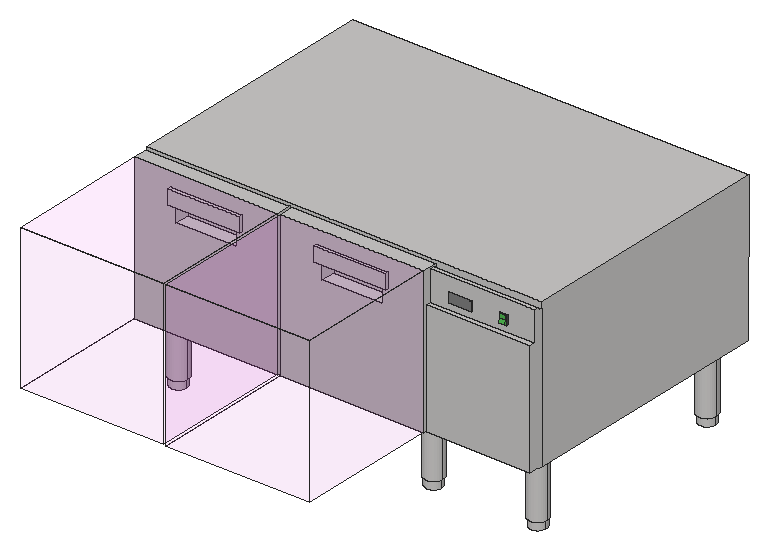
Revit family "QF_ELECTROLUXPROFESSIONAL_391603_E9TTAPCOMIN", category Specialty Equipment, Revit 2023 (continued)
Lines and regions (mm)
  Split face 156
    outline origin (721.397, -448, 504.794) x (0, 0, -1) y (1, 0, 0)
      loop
        arc (52.48, -282.599) -> (56.5, -278.61) -> (52.5, -274.599) r 4
        line (52.5, -274.599) -> (20.5, -274.599)
        arc (20.5, -274.599) -> (16.5, -278.61) -> (20.521, -282.599) r 4
        line (20.521, -282.599) -> (52.48, -282.599)
  Split face 157
    outline origin (733.396, -448, 504.794) x (0, 0, -1) y (1, 0, 0)
      loop
        arc (52.48, -282.599) -> (56.5, -278.61) -> (52.5, -274.599) r 4
        line (52.5, -274.599) -> (20.5, -274.599)
        arc (20.5, -274.599) -> (16.5, -278.61) -> (20.521, -282.599) r 4
        line (20.521, -282.599) -> (52.48, -282.599)
  Split face 158
    outline origin (709.396, -448, 459.794) x (0, 0, -1) y (1, 0, 0)
      loop
        arc (52.48, -282.599) -> (56.5, -278.61) -> (52.5, -274.599) r 4
        line (52.5, -274.599) -> (20.5, -274.599)
        arc (20.5, -274.599) -> (16.5, -278.61) -> (20.521, -282.599) r 4
        line (20.521, -282.599) -> (52.48, -282.599)
  Split face 159
    outline origin (721.397, -448, 459.794) x (0, 0, -1) y (1, 0, 0)
      loop
        arc (52.48, -282.599) -> (56.5, -278.61) -> (52.5, -274.599) r 4
        line (52.5, -274.599) -> (20.5, -274.599)
        arc (20.5, -274.599) -> (16.5, -278.61) -> (20.521, -282.599) r 4
        line (20.521, -282.599) -> (52.48, -282.599)
  Split face 160
    outline origin (733.396, -448, 459.794) x (0, 0, -1) y (1, 0, 0)
      loop
        arc (52.48, -282.599) -> (56.5, -278.61) -> (52.5, -274.599) r 4
        line (52.5, -274.599) -> (20.5, -274.599)
        arc (20.5, -274.599) -> (16.5, -278.61) -> (20.521, -282.599) r 4
        line (20.521, -282.599) -> (52.48, -282.599)
  Split face 161
    outline origin (709.396, -448, 414.794) x (0, 0, -1) y (1, 0, 0)
      loop
        arc (52.48, -282.599) -> (56.5, -278.61) -> (52.5, -274.599) r 4
        line (52.5, -274.599) -> (20.5, -274.599)
        arc (20.5, -274.599) -> (16.5, -278.61) -> (20.521, -282.599) r 4
        line (20.521, -282.599) -> (52.48, -282.599)
  Split face 162
    outline origin (721.397, -448, 414.794) x (0, 0, -1) y (1, 0, 0)
      loop
        arc (52.48, -282.599) -> (56.5, -278.61) -> (52.5, -274.599) r 4
        line (52.5, -274.599) -> (20.5, -274.599)
        arc (20.5, -274.599) -> (16.5, -278.61) -> (20.521, -282.599) r 4
        line (20.521, -282.599) -> (52.48, -282.599)
  Split face 163
    outline origin (733.396, -448, 414.794) x (0, 0, -1) y (1, 0, 0)
      loop
        arc (52.48, -282.599) -> (56.5, -278.61) -> (52.5, -274.599) r 4
        line (52.5, -274.599) -> (20.5, -274.599)
        arc (20.5, -274.599) -> (16.5, -278.61) -> (20.521, -282.599) r 4
        line (20.521, -282.599) -> (52.48, -282.599)
  Split face 164
    outline origin (709.396, -448, 369.794) x (0, 0, -1) y (1, 0, 0)
      loop
        arc (52.48, -282.599) -> (56.5, -278.61) -> (52.5, -274.599) r 4
        line (52.5, -274.599) -> (20.5, -274.599)
        arc (20.5, -274.599) -> (16.5, -278.61) -> (20.521, -282.599) r 4
        line (20.521, -282.599) -> (52.48, -282.599)
  Split face 165
    outline origin (721.397, -448, 369.794) x (0, 0, -1) y (1, 0, 0)
      loop
        arc (52.48, -282.599) -> (56.5, -278.61) -> (52.5, -274.599) r 4
        line (52.5, -274.599) -> (20.5, -274.599)
        arc (20.5, -274.599) -> (16.5, -278.61) -> (20.521, -282.599) r 4
        line (20.521, -282.599) -> (52.48, -282.599)
  Split face 166
    outline origin (733.396, -448, 369.794) x (0, 0, -1) y (1, 0, 0)
      loop
        arc (52.48, -282.599) -> (56.5, -278.61) -> (52.5, -274.599) r 4
        line (52.5, -274.599) -> (20.5, -274.599)
        arc (20.5, -274.599) -> (16.5, -278.61) -> (20.521, -282.599) r 4
        line (20.521, -282.599) -> (52.48, -282.599)
  Split face 167
    outline origin (709.396, -448, 324.794) x (0, 0, -1) y (1, 0, 0)
      loop
        arc (52.48, -282.599) -> (56.5, -278.61) -> (52.5, -274.599) r 4
        line (52.5, -274.599) -> (20.5, -274.599)
        arc (20.5, -274.599) -> (16.5, -278.61) -> (20.521, -282.599) r 4
        line (20.521, -282.599) -> (52.48, -282.599)
  Split face 168
    outline origin (721.397, -448, 324.794) x (0, 0, -1) y (1, 0, 0)
      loop
        arc (52.48, -282.599) -> (56.5, -278.61) -> (52.5, -274.599) r 4
        line (52.5, -274.599) -> (20.5, -274.599)
        arc (20.5, -274.599) -> (16.5, -278.61) -> (20.521, -282.599) r 4
        line (20.521, -282.599) -> (52.48, -282.599)
  Split face 169
    outline origin (733.396, -448, 324.794) x (0, 0, -1) y (1, 0, 0)
      loop
        arc (52.48, -282.599) -> (56.5, -278.61) -> (52.5, -274.599) r 4
        line (52.5, -274.599) -> (20.5, -274.599)
        arc (20.5, -274.599) -> (16.5, -278.61) -> (20.521, -282.599) r 4
        line (20.521, -282.599) -> (52.48, -282.599)
  Split face 170
    outline origin (709.396, -448, 279.794) x (0, 0, -1) y (1, 0, 0)
      loop
        arc (52.48, -282.599) -> (56.5, -278.61) -> (52.5, -274.599) r 4
        line (52.5, -274.599) -> (20.5, -274.599)
        arc (20.5, -274.599) -> (16.5, -278.61) -> (20.521, -282.599) r 4
        line (20.521, -282.599) -> (52.48, -282.599)
  Split face 171
    outline origin (721.397, -448, 279.794) x (0, 0, -1) y (1, 0, 0)
      loop
        arc (52.48, -282.599) -> (56.5, -278.61) -> (52.5, -274.599) r 4
        line (52.5, -274.599) -> (20.5, -274.599)
        arc (20.5, -274.599) -> (16.5, -278.61) -> (20.521, -282.599) r 4
        line (20.521, -282.599) -> (52.48, -282.599)
  Split face 172
    outline origin (733.396, -448, 279.794) x (0, 0, -1) y (1, 0, 0)
      loop
        arc (52.48, -282.599) -> (56.5, -278.61) -> (52.5, -274.599) r 4
        line (52.5, -274.599) -> (20.5, -274.599)
        arc (20.5, -274.599) -> (16.5, -278.61) -> (20.521, -282.599) r 4
        line (20.521, -282.599) -> (52.48, -282.599)
  symbolic lines, style "SpecialityEquipmentHiddenLines"
    curve 1: line (-599, 380, 0) -> (599, 380, 0)
    curve 2: line (-599, -448, 0) -> (-599, 380, 0)
    curve 3: line (599, -448, 0) -> (-599, -448, 0)
    curve 4: line (599, 380, 0) -> (599, -448, 0)
    curve 17: line (-599, -403, 0) -> (599, -403, 0)
  symbolic lines, style "QF_Door-Drawer Clearances"
    curve 5: line (-579, -448, 0) -> (-579, -573, 0)
    curve 6: line (-184.999, -573, 0) -> (-184.999, -448, 0)
    curve 7: line (-136.499, -448, 0) -> (-136.499, -573, 0)
    curve 8: line (257.502, -573, 0) -> (257.502, -448, 0)
    curve 9: line (-599, -573, 0) -> (-164.999, -573, 0)
    curve 10: line (-156.499, -573, 0) -> (277.502, -573, 0)
    curve 11: line (-599, -613, 0) -> (-164.999, -613, 0)
    curve 12: line (-156.499, -613, 0) -> (277.502, -613, 0)
    curve 13: line (-164.999, -613, 0) -> (-164.999, -573, 0)
    curve 14: line (-156.499, -573, 0) -> (-156.499, -613, 0)
    curve 15: line (-599, -573, 0) -> (-599, -613, 0)
    curve 16: line (277.502, -613, 0) -> (277.502, -573, 0)
Dimensions and locks
  plane 4 to level = 200 mm
  plane 5 "TOP" to level = 650 mm
  plane 5 "TOP" to plane 4 = 450 mm
  equal spacing: plane 8 "LEFT", plane 3 "Centro (Sinistra/Destra)", plane 9 "RIGHT"
  plane 8 "LEFT" to plane 9 "RIGHT" = 1200 mm
  equal spacing: plane 6 "BACK", plane 1 "Center X", plane 7 "FRONT"
  plane 6 "BACK" to plane 7 "FRONT" = 900 mm
  plane 6 "BACK" to plane 10 = 853 mm
  locked: plane 10 to plane 11 at 45
  locked: plane 8 "LEFT" to plane 12 at 55
  locked: plane 13 to plane 9 "RIGHT" at 55
  locked: plane 12 to plane 14 at 774
  locked: plane 22 to plane 15 at 88
  locked: plane 16 to plane 11 at 98
  locked: plane 19 to plane 9 "RIGHT" at 1
  locked: plane 8 "LEFT" to plane 18 at 1
  plane 19 to plane 17 = 313 mm
  locked: plane 6 "BACK" to plane 20 at 160
  plane 21 to plane 9 "RIGHT" = 40 mm
  locked: plane 6 "BACK" to plane 22 at 70
  locked: plane 11 to plane 7 "FRONT" at 2
  plane 15 to plane 22 = 88 mm
  plane 11 to plane 16 = 98 mm
  plane 12 to plane 8 "LEFT" = 55 mm
  plane 14 to plane 12 = 774 mm
  aligned and locked: level to plane 2
  aligned and locked: plane 12 to nested 1
  aligned and locked: nested 1 to plane 16
  aligned and locked: nested 2 to plane 15
  aligned and locked: plane 14 to nested 3
  aligned and locked: nested 4 to plane 14
  aligned and locked: plane 13 to nested 5
  aligned and locked: nested 6 to plane 13
  aligned and locked: plane 10 to Extrusion 1 sketch curve
  aligned and locked: Extrusion 2 to plane 11
  aligned and locked: Extrusion 10 to plane 11
  aligned and locked: plane 4 to Extrusion 12
  aligned and locked: plane 22 to Extrusion 1
  aligned and locked: plane 15 to nested 6
  aligned and locked: plane 15 to nested 4
  aligned and locked: plane 16 to nested 5
  aligned and locked: plane 16 to nested 3
Automatic sketch dimensions
  Extrusion 2 sketch curve to plane 18 = 0 mm
  plane 12 to Extrusion 2 sketch curve = 69.7 mm
  Extrusion 2 sketch curve to Extrusion 2 sketch curve = 186.601 mm
  Extrusion 2 sketch curve to plane 5 "TOP" = 9.006 mm
  Extrusion 2 sketch curve to Extrusion 2 sketch curve = 123.7 mm
  Extrusion 2 sketch curve to plane 5 "TOP" = 65 mm
  Extrusion 2 sketch curve to Extrusion 2 sketch curve = 78.294 mm
  plane 4 to Extrusion 2 sketch curve = 1.587 mm
  Extrusion 2 to Extrusion 3 sketch curve = 0 mm
  Extrusion 3 sketch curve to Extrusion 2 = 0 mm  (x3)
  Extrusion 4 sketch curve to plane 4 = 0 mm
  Extrusion 4 sketch curve to plane 10 = 0 mm
  Extrusion 4 sketch curve to plane 10 = 5.442 mm
  plane 4 to Extrusion 4 sketch curve = 4.796 mm
  Extrusion 4 sketch curve to Extrusion 4 sketch curve = 9.721 mm
  Extrusion 4 sketch curve to plane 10 = 16.763 mm
  Extrusion 4 sketch curve to Extrusion 4 sketch curve = 11.336 mm
  plane 11 to Extrusion 4 sketch curve = 0 mm
  Extrusion 4 sketch curve to plane 5 "TOP" = 100.204 mm
  Extrusion 4 sketch curve to plane 5 "TOP" = 20.473 mm
  Extrusion 4 sketch curve to plane 5 "TOP" = 9.006 mm
  Extrusion 4 to Extrusion 5 sketch curve = 42.198 mm
  Extrusion 5 sketch curve to Extrusion 4 = 20 mm
  Extrusion 4 to Extrusion 5 sketch curve = 102.899 mm
  Extrusion 5 sketch curve to Extrusion 5 sketch curve = 22 mm
  Extrusion 4 to Extrusion 6 sketch curve = 42.198 mm
  Extrusion 6 sketch curve to Extrusion 4 = 20 mm
  Extrusion 4 to Extrusion 6 sketch curve = 54.901 mm
  Extrusion 6 sketch curve to Extrusion 6 sketch curve = 70 mm
  Split face 1 sketch curve to Extrusion 6 = 5 mm
  Split face 1 sketch curve to Extrusion 6 = 9 mm
  Split face 1 sketch curve to Extrusion 6 = 10 mm  (x2)
  Split face 2 sketch curve to Extrusion 6 = 12.5 mm
  Split face 2 sketch curve to Extrusion 6 = 7 mm
  Split face 3 sketch curve to Extrusion 6 = 7.5 mm
  Split face 3 sketch curve to Extrusion 6 = 7 mm
  Split face 4 sketch curve to Extrusion 6 = 11.5 mm
  Split face 4 sketch curve to Extrusion 6 = 7 mm
  Split face 5 sketch curve to Extrusion 6 = 7.5 mm
  Split face 5 sketch curve to Extrusion 6 = 7 mm
  Split face 6 sketch curve to Extrusion 6 = 12.5 mm
  Split face 6 sketch curve to Extrusion 6 = 7 mm
  Split face 7 sketch curve to Extrusion 6 = 11.5 mm
  Split face 7 sketch curve to Extrusion 6 = 7 mm
  Split face 8 sketch curve to Extrusion 6 = 7.047 mm
  Split face 8 sketch curve to Extrusion 6 = 2.047 mm
  Split face 8 sketch curve to Extrusion 6 = 10 mm
  Split face 8 sketch curve to Split face 8 sketch curve = 11 mm
  Split face 9 sketch curve to Extrusion 6 = 7.047 mm
  Split face 9 sketch curve to Extrusion 6 = 2.047 mm
  Split face 9 sketch curve to Extrusion 6 = 23 mm
  Split face 9 sketch curve to Split face 9 sketch curve = 11 mm
  Split face 10 sketch curve to Extrusion 6 = 7.047 mm
  Split face 10 sketch curve to Extrusion 6 = 2.047 mm
  Split face 10 sketch curve to Extrusion 6 = 34 mm
  Split face 10 sketch curve to Split face 10 sketch curve = 11 mm
  Split face 11 sketch curve to Extrusion 6 = 7.047 mm
  Split face 11 sketch curve to Extrusion 6 = 2.047 mm
  Split face 11 sketch curve to Extrusion 6 = 21 mm
  Split face 11 sketch curve to Extrusion 6 = 10 mm
  Extrusion 7 sketch curve to Extrusion 7 sketch curve = 0 mm  (x3)
  Extrusion 7 sketch curve to Extrusion 5 = 0 mm
  Extrusion 5 to Extrusion 7 sketch curve = 2.279 mm
  Extrusion 7 sketch curve to Extrusion 7 sketch curve = 0.116 mm
  Extrusion 7 sketch curve to Extrusion 7 sketch curve = 12.105 mm
  Extrusion 5 to Extrusion 7 sketch curve = 3.692 mm
  Extrusion 5 to Extrusion 7 sketch curve = 2.395 mm
  Split face 12 sketch curve to Extrusion 4 = 20.5 mm
  Split face 12 sketch curve to Split face 12 sketch curve = 0.02 mm  (x2)
  Split face 12 sketch curve to Split face 12 sketch curve = 31.959 mm
  Split face 12 sketch curve to Extrusion 4 = 32.901 mm
  Split face 12 sketch curve to Split face 12 sketch curve = 4 mm
  Split face 13 sketch curve to Extrusion 4 = 20.5 mm
  Split face 13 sketch curve to Split face 13 sketch curve = 0.02 mm  (x2)
  Split face 13 sketch curve to Split face 13 sketch curve = 31.959 mm
  Split face 13 sketch curve to Extrusion 4 = 44.9 mm
  Split face 13 sketch curve to Split face 13 sketch curve = 4 mm
  Split face 14 sketch curve to Extrusion 4 = 20.5 mm
  Split face 14 sketch curve to Split face 14 sketch curve = 0.02 mm  (x2)
  Split face 14 sketch curve to Split face 14 sketch curve = 31.959 mm
  Split face 14 sketch curve to Extrusion 4 = 56.9 mm
  Split face 14 sketch curve to Split face 14 sketch curve = 4 mm
  Split face 15 sketch curve to Extrusion 4 = 20.5 mm
  Split face 15 sketch curve to Split face 15 sketch curve = 0.02 mm  (x2)
  Split face 15 sketch curve to Split face 15 sketch curve = 31.959 mm
  Split face 15 sketch curve to Extrusion 4 = 68.797 mm
  Split face 15 sketch curve to Split face 15 sketch curve = 4 mm
  Split face 16 sketch curve to Extrusion 4 = 20.5 mm
  Split face 16 sketch curve to Split face 16 sketch curve = 0.02 mm  (x2)
  Split face 16 sketch curve to Split face 16 sketch curve = 31.959 mm
  Split face 16 sketch curve to Extrusion 4 = 80.797 mm
  Split face 16 sketch curve to Split face 16 sketch curve = 4 mm
  Split face 17 sketch curve to Extrusion 4 = 20.5 mm
  Split face 17 sketch curve to Split face 17 sketch curve = 0.02 mm  (x2)
  Split face 17 sketch curve to Split face 17 sketch curve = 31.959 mm
  Split face 17 sketch curve to Extrusion 4 = 92.797 mm
  Split face 17 sketch curve to Split face 17 sketch curve = 4 mm
  Split face 18 sketch curve to Extrusion 4 = 20.5 mm
  Split face 18 sketch curve to Split face 18 sketch curve = 0.02 mm  (x2)
  Split face 18 sketch curve to Split face 18 sketch curve = 31.959 mm
  Split face 18 sketch curve to Extrusion 4 = 104.797 mm
  Split face 18 sketch curve to Split face 18 sketch curve = 4 mm
  Split face 19 sketch curve to Extrusion 4 = 20.5 mm
  Split face 19 sketch curve to Split face 19 sketch curve = 0.02 mm  (x2)
  Split face 19 sketch curve to Split face 19 sketch curve = 31.959 mm
  Split face 19 sketch curve to Extrusion 4 = 116.797 mm
  Split face 19 sketch curve to Split face 19 sketch curve = 4 mm
  Split face 20 sketch curve to Extrusion 4 = 20.5 mm
  Split face 20 sketch curve to Split face 20 sketch curve = 0.02 mm  (x2)
  Split face 20 sketch curve to Split face 20 sketch curve = 31.959 mm
  Split face 20 sketch curve to Extrusion 4 = 128.797 mm
  Split face 20 sketch curve to Split face 20 sketch curve = 4 mm
  Split face 21 sketch curve to Extrusion 4 = 20.5 mm
  Split face 21 sketch curve to Split face 21 sketch curve = 0.02 mm  (x2)
  Split face 21 sketch curve to Split face 21 sketch curve = 31.959 mm
  Split face 21 sketch curve to Extrusion 4 = 137.003 mm
  Split face 21 sketch curve to Split face 21 sketch curve = 4 mm
  Split face 22 sketch curve to Extrusion 4 = 20.5 mm
  Split face 22 sketch curve to Split face 22 sketch curve = 0.02 mm  (x2)
  Split face 22 sketch curve to Split face 22 sketch curve = 31.959 mm
  Split face 22 sketch curve to Extrusion 4 = 125.004 mm
  Split face 22 sketch curve to Split face 22 sketch curve = 4 mm
  Split face 23 sketch curve to Extrusion 4 = 20.5 mm
  Split face 23 sketch curve to Split face 23 sketch curve = 0.02 mm  (x2)
  Split face 23 sketch curve to Split face 23 sketch curve = 31.959 mm
  Split face 23 sketch curve to Extrusion 4 = 113.003 mm
  Split face 23 sketch curve to Split face 23 sketch curve = 4 mm
  Split face 24 sketch curve to Extrusion 4 = 20.5 mm
  Split face 24 sketch curve to Split face 24 sketch curve = 0.02 mm  (x2)
  Split face 24 sketch curve to Split face 24 sketch curve = 31.959 mm
  Split face 24 sketch curve to Extrusion 4 = 101.003 mm
  Split face 24 sketch curve to Split face 24 sketch curve = 4 mm
  Split face 25 sketch curve to Extrusion 4 = 20.5 mm
  Split face 25 sketch curve to Split face 25 sketch curve = 0.02 mm  (x2)
  Split face 25 sketch curve to Split face 25 sketch curve = 31.959 mm
  Split face 25 sketch curve to Extrusion 4 = 89.003 mm
  Split face 25 sketch curve to Split face 25 sketch curve = 4 mm
  Split face 26 sketch curve to Extrusion 4 = 20.5 mm
  Split face 26 sketch curve to Split face 26 sketch curve = 0.02 mm  (x2)
  Split face 26 sketch curve to Split face 26 sketch curve = 31.959 mm
  Split face 26 sketch curve to Extrusion 4 = 77.004 mm
  Split face 26 sketch curve to Split face 26 sketch curve = 4 mm
  Split face 27 sketch curve to Extrusion 4 = 20.5 mm
  Split face 27 sketch curve to Split face 27 sketch curve = 0.02 mm  (x2)
  Split face 27 sketch curve to Split face 27 sketch curve = 31.959 mm
  Split face 27 sketch curve to Extrusion 4 = 65.003 mm
  Split face 27 sketch curve to Split face 27 sketch curve = 4 mm
  Split face 28 sketch curve to Extrusion 4 = 20.5 mm
  Split face 28 sketch curve to Split face 28 sketch curve = 0.02 mm  (x2)
  Split face 28 sketch curve to Split face 28 sketch curve = 31.959 mm
  Split face 28 sketch curve to Extrusion 4 = 53.004 mm
  Split face 28 sketch curve to Split face 28 sketch curve = 4 mm
  Split face 29 sketch curve to Extrusion 4 = 20.5 mm
  Split face 29 sketch curve to Split face 29 sketch curve = 0.02 mm  (x2)
  Split face 29 sketch curve to Split face 29 sketch curve = 31.959 mm
  Split face 29 sketch curve to Extrusion 4 = 41.004 mm
  Split face 29 sketch curve to Split face 29 sketch curve = 4 mm
  Split face 30 sketch curve to Extrusion 4 = 20.5 mm
  Split face 30 sketch curve to Split face 30 sketch curve = 0.02 mm  (x2)
  Split face 30 sketch curve to Split face 30 sketch curve = 31.959 mm
  Split face 30 sketch curve to Extrusion 4 = 29.004 mm
  Split face 30 sketch curve to Split face 30 sketch curve = 4 mm
  Split face 31 sketch curve to Extrusion 4 = 20.5 mm
  Split face 31 sketch curve to Split face 31 sketch curve = 0.02 mm  (x2)
  Split face 31 sketch curve to Split face 31 sketch curve = 31.959 mm
  Split face 31 sketch curve to Extrusion 4 = 20.901 mm
  Split face 31 sketch curve to Split face 31 sketch curve = 4 mm
  Split face 32 sketch curve to Extrusion 4 = 65.502 mm
  Split face 32 sketch curve to Split face 32 sketch curve = 0.02 mm  (x2)
  Split face 32 sketch curve to Split face 32 sketch curve = 31.959 mm
  Split face 32 sketch curve to Extrusion 4 = 32.901 mm
  Split face 32 sketch curve to Split face 32 sketch curve = 4 mm
  Split face 33 sketch curve to Extrusion 4 = 65.502 mm
  Split face 33 sketch curve to Split face 33 sketch curve = 0.02 mm  (x2)
  Split face 33 sketch curve to Split face 33 sketch curve = 31.959 mm
  Split face 33 sketch curve to Extrusion 4 = 44.9 mm
  Split face 33 sketch curve to Split face 33 sketch curve = 4 mm
  Split face 34 sketch curve to Extrusion 4 = 65.502 mm
  Split face 34 sketch curve to Split face 34 sketch curve = 0.02 mm  (x2)
  Split face 34 sketch curve to Split face 34 sketch curve = 31.959 mm
  Split face 34 sketch curve to Extrusion 4 = 56.9 mm
  Split face 34 sketch curve to Split face 34 sketch curve = 4 mm
  Split face 35 sketch curve to Extrusion 4 = 65.502 mm
  Split face 35 sketch curve to Split face 35 sketch curve = 0.02 mm  (x2)
  Split face 35 sketch curve to Split face 35 sketch curve = 31.959 mm
  Split face 35 sketch curve to Extrusion 4 = 68.797 mm
  Split face 35 sketch curve to Split face 35 sketch curve = 4 mm
  Split face 36 sketch curve to Extrusion 4 = 65.502 mm
  Split face 36 sketch curve to Split face 36 sketch curve = 0.02 mm  (x2)
  Split face 36 sketch curve to Split face 36 sketch curve = 31.959 mm
  Split face 36 sketch curve to Extrusion 4 = 80.797 mm
  Split face 36 sketch curve to Split face 36 sketch curve = 4 mm
  Split face 37 sketch curve to Extrusion 4 = 65.502 mm
  Split face 37 sketch curve to Split face 37 sketch curve = 0.02 mm  (x2)
  Split face 37 sketch curve to Split face 37 sketch curve = 31.959 mm
  Split face 37 sketch curve to Extrusion 4 = 92.797 mm
  Split face 37 sketch curve to Split face 37 sketch curve = 4 mm
  Split face 38 sketch curve to Extrusion 4 = 65.502 mm
  Split face 38 sketch curve to Split face 38 sketch curve = 0.02 mm  (x2)
  Split face 38 sketch curve to Split face 38 sketch curve = 31.959 mm
  Split face 38 sketch curve to Extrusion 4 = 104.797 mm
  Split face 38 sketch curve to Split face 38 sketch curve = 4 mm
  Split face 39 sketch curve to Extrusion 4 = 65.502 mm
  Split face 39 sketch curve to Split face 39 sketch curve = 0.02 mm  (x2)
  Split face 39 sketch curve to Split face 39 sketch curve = 31.959 mm
  Split face 39 sketch curve to Extrusion 4 = 116.797 mm
  Split face 39 sketch curve to Split face 39 sketch curve = 4 mm
  Split face 40 sketch curve to Extrusion 4 = 65.502 mm
  Split face 40 sketch curve to Split face 40 sketch curve = 0.02 mm  (x2)
  Split face 40 sketch curve to Split face 40 sketch curve = 31.959 mm
  Split face 40 sketch curve to Extrusion 4 = 128.797 mm
  Split face 40 sketch curve to Split face 40 sketch curve = 4 mm
  Split face 41 sketch curve to Extrusion 4 = 65.502 mm
  Split face 41 sketch curve to Split face 41 sketch curve = 0.02 mm  (x2)
  Split face 41 sketch curve to Split face 41 sketch curve = 31.959 mm
  Split face 41 sketch curve to Extrusion 4 = 137.003 mm
  Split face 41 sketch curve to Split face 41 sketch curve = 4 mm
  Split face 42 sketch curve to Extrusion 4 = 65.502 mm
  Split face 42 sketch curve to Split face 42 sketch curve = 0.02 mm  (x2)
  Split face 42 sketch curve to Split face 42 sketch curve = 31.959 mm
  Split face 42 sketch curve to Extrusion 4 = 125.004 mm
  Split face 42 sketch curve to Split face 42 sketch curve = 4 mm
  Split face 43 sketch curve to Extrusion 4 = 65.502 mm
  Split face 43 sketch curve to Split face 43 sketch curve = 0.02 mm  (x2)
  Split face 43 sketch curve to Split face 43 sketch curve = 31.959 mm
  Split face 43 sketch curve to Extrusion 4 = 113.003 mm
  Split face 43 sketch curve to Split face 43 sketch curve = 4 mm
  Split face 44 sketch curve to Extrusion 4 = 65.502 mm
  Split face 44 sketch curve to Split face 44 sketch curve = 0.02 mm  (x2)
  Split face 44 sketch curve to Split face 44 sketch curve = 31.959 mm
  Split face 44 sketch curve to Extrusion 4 = 101.003 mm
  Split face 44 sketch curve to Split face 44 sketch curve = 4 mm
  Split face 45 sketch curve to Extrusion 4 = 65.502 mm
  Split face 45 sketch curve to Split face 45 sketch curve = 0.02 mm  (x2)
  Split face 45 sketch curve to Split face 45 sketch curve = 31.959 mm
  Split face 45 sketch curve to Extrusion 4 = 89.003 mm
  Split face 45 sketch curve to Split face 45 sketch curve = 4 mm
  Split face 46 sketch curve to Extrusion 4 = 65.502 mm
  Split face 46 sketch curve to Split face 46 sketch curve = 0.02 mm  (x2)
  Split face 46 sketch curve to Split face 46 sketch curve = 31.959 mm
  Split face 46 sketch curve to Extrusion 4 = 77.004 mm
  Split face 46 sketch curve to Split face 46 sketch curve = 4 mm
  Split face 47 sketch curve to Extrusion 4 = 65.502 mm
  Split face 47 sketch curve to Split face 47 sketch curve = 0.02 mm  (x2)
  Split face 47 sketch curve to Split face 47 sketch curve = 31.959 mm
  Split face 47 sketch curve to Extrusion 4 = 65.003 mm
  Split face 47 sketch curve to Split face 47 sketch curve = 4 mm
  Split face 48 sketch curve to Extrusion 4 = 65.502 mm
  Split face 48 sketch curve to Split face 48 sketch curve = 0.02 mm  (x2)
  Split face 48 sketch curve to Split face 48 sketch curve = 31.959 mm
  Split face 48 sketch curve to Extrusion 4 = 53.004 mm
  Split face 48 sketch curve to Split face 48 sketch curve = 4 mm
  Split face 49 sketch curve to Extrusion 4 = 65.502 mm
  Split face 49 sketch curve to Split face 49 sketch curve = 0.02 mm  (x2)
  Split face 49 sketch curve to Split face 49 sketch curve = 31.959 mm
  Split face 49 sketch curve to Extrusion 4 = 41.004 mm
  Split face 49 sketch curve to Split face 49 sketch curve = 4 mm
  Split face 50 sketch curve to Extrusion 4 = 25.004 mm
  Split face 50 sketch curve to Extrusion 4 = 65.502 mm
  Split face 50 sketch curve to Split face 50 sketch curve = 0.02 mm  (x2)
  Split face 50 sketch curve to Split face 50 sketch curve = 31.959 mm
  Split face 50 sketch curve to Split face 50 sketch curve = 4 mm
  Split face 51 sketch curve to Extrusion 4 = 24.901 mm
  Split face 51 sketch curve to Extrusion 4 = 65.502 mm
  Split face 51 sketch curve to Split face 51 sketch curve = 0.02 mm  (x2)
  Split face 51 sketch curve to Split face 51 sketch curve = 31.959 mm
  Split face 51 sketch curve to Split face 51 sketch curve = 4 mm
  Split face 52 sketch curve to Extrusion 4 = 36.901 mm
  Split face 52 sketch curve to Extrusion 4 = 110.502 mm
  Split face 52 sketch curve to Split face 52 sketch curve = 0.02 mm  (x2)
  Split face 52 sketch curve to Split face 52 sketch curve = 31.959 mm
  Split face 52 sketch curve to Split face 52 sketch curve = 4 mm
  Split face 53 sketch curve to Extrusion 4 = 48.9 mm
  Split face 53 sketch curve to Extrusion 4 = 110.502 mm
  Split face 53 sketch curve to Split face 53 sketch curve = 0.02 mm  (x2)
  Split face 53 sketch curve to Split face 53 sketch curve = 31.959 mm
  Split face 53 sketch curve to Split face 53 sketch curve = 4 mm
  Split face 54 sketch curve to Extrusion 4 = 110.502 mm
  Split face 54 sketch curve to Split face 54 sketch curve = 0.02 mm  (x2)
  Split face 54 sketch curve to Split face 54 sketch curve = 31.959 mm
  Split face 54 sketch curve to Extrusion 4 = 56.9 mm
  Split face 54 sketch curve to Split face 54 sketch curve = 4 mm
  Split face 55 sketch curve to Extrusion 4 = 110.502 mm
  Split face 55 sketch curve to Split face 55 sketch curve = 0.02 mm  (x2)
  Split face 55 sketch curve to Split face 55 sketch curve = 31.959 mm
  Split face 55 sketch curve to Extrusion 4 = 68.797 mm
  Split face 55 sketch curve to Split face 55 sketch curve = 4 mm
  Split face 56 sketch curve to Extrusion 4 = 110.502 mm
  Split face 56 sketch curve to Split face 56 sketch curve = 0.02 mm  (x2)
  Split face 56 sketch curve to Split face 56 sketch curve = 31.959 mm
  Split face 56 sketch curve to Extrusion 4 = 80.797 mm
  Split face 56 sketch curve to Split face 56 sketch curve = 4 mm
  Split face 57 sketch curve to Extrusion 4 = 110.502 mm
  Split face 57 sketch curve to Split face 57 sketch curve = 0.02 mm  (x2)
  Split face 57 sketch curve to Split face 57 sketch curve = 31.959 mm
  Split face 57 sketch curve to Extrusion 4 = 92.797 mm
  Split face 57 sketch curve to Split face 57 sketch curve = 4 mm
  Split face 58 sketch curve to Extrusion 4 = 110.502 mm
  Split face 58 sketch curve to Split face 58 sketch curve = 0.02 mm  (x2)
  Split face 58 sketch curve to Split face 58 sketch curve = 31.959 mm
  Split face 58 sketch curve to Extrusion 4 = 104.797 mm
  Split face 58 sketch curve to Split face 58 sketch curve = 4 mm
  Split face 59 sketch curve to Extrusion 4 = 110.502 mm
  Split face 59 sketch curve to Split face 59 sketch curve = 0.02 mm  (x2)
  Split face 59 sketch curve to Split face 59 sketch curve = 31.959 mm
  Split face 59 sketch curve to Extrusion 4 = 116.797 mm
  Split face 59 sketch curve to Split face 59 sketch curve = 4 mm
  Split face 60 sketch curve to Extrusion 4 = 110.502 mm
  Split face 60 sketch curve to Split face 60 sketch curve = 0.02 mm  (x2)
  Split face 60 sketch curve to Split face 60 sketch curve = 31.959 mm
  Split face 60 sketch curve to Extrusion 4 = 128.797 mm
  Split face 60 sketch curve to Split face 60 sketch curve = 4 mm
  Split face 61 sketch curve to Extrusion 4 = 110.502 mm
  Split face 61 sketch curve to Split face 61 sketch curve = 0.02 mm  (x2)
  Split face 61 sketch curve to Split face 61 sketch curve = 31.959 mm
  Split face 61 sketch curve to Extrusion 4 = 137.003 mm
  Split face 61 sketch curve to Split face 61 sketch curve = 4 mm
  Split face 62 sketch curve to Extrusion 4 = 110.502 mm
  Split face 62 sketch curve to Split face 62 sketch curve = 0.02 mm  (x2)
  Split face 62 sketch curve to Split face 62 sketch curve = 31.959 mm
  Split face 62 sketch curve to Extrusion 4 = 125.004 mm
  Split face 62 sketch curve to Split face 62 sketch curve = 4 mm
  Split face 63 sketch curve to Extrusion 4 = 110.502 mm
  Split face 63 sketch curve to Split face 63 sketch curve = 0.02 mm  (x2)
  Split face 63 sketch curve to Split face 63 sketch curve = 31.959 mm
  Split face 63 sketch curve to Extrusion 4 = 113.003 mm
  Split face 63 sketch curve to Split face 63 sketch curve = 4 mm
  Split face 64 sketch curve to Extrusion 4 = 110.502 mm
  Split face 64 sketch curve to Split face 64 sketch curve = 0.02 mm  (x2)
  Split face 64 sketch curve to Split face 64 sketch curve = 31.959 mm
  Split face 64 sketch curve to Extrusion 4 = 101.003 mm
  Split face 64 sketch curve to Split face 64 sketch curve = 4 mm
  Split face 65 sketch curve to Extrusion 4 = 110.502 mm
  Split face 65 sketch curve to Split face 65 sketch curve = 0.02 mm  (x2)
  Split face 65 sketch curve to Split face 65 sketch curve = 31.959 mm
  Split face 65 sketch curve to Extrusion 4 = 89.003 mm
  Split face 65 sketch curve to Split face 65 sketch curve = 4 mm
  Split face 66 sketch curve to Extrusion 4 = 110.502 mm
  Split face 66 sketch curve to Split face 66 sketch curve = 0.02 mm  (x2)
  Split face 66 sketch curve to Split face 66 sketch curve = 31.959 mm
  Split face 66 sketch curve to Extrusion 4 = 77.004 mm
  Split face 66 sketch curve to Split face 66 sketch curve = 4 mm
  Split face 67 sketch curve to Extrusion 4 = 110.502 mm
  Split face 67 sketch curve to Split face 67 sketch curve = 0.02 mm  (x2)
  Split face 67 sketch curve to Split face 67 sketch curve = 31.959 mm
  Split face 67 sketch curve to Extrusion 4 = 65.003 mm
  Split face 67 sketch curve to Split face 67 sketch curve = 4 mm
  Split face 68 sketch curve to Extrusion 4 = 49.004 mm
  Split face 68 sketch curve to Extrusion 4 = 110.502 mm
  Split face 68 sketch curve to Split face 68 sketch curve = 0.02 mm  (x2)
  Split face 68 sketch curve to Split face 68 sketch curve = 31.959 mm
  Split face 68 sketch curve to Split face 68 sketch curve = 4 mm
  Split face 69 sketch curve to Extrusion 4 = 37.004 mm
  Split face 69 sketch curve to Extrusion 4 = 110.502 mm
  Split face 69 sketch curve to Split face 69 sketch curve = 0.02 mm  (x2)
  Split face 69 sketch curve to Split face 69 sketch curve = 31.959 mm
  Split face 69 sketch curve to Split face 69 sketch curve = 4 mm
  Split face 70 sketch curve to Extrusion 4 = 25.004 mm
  Split face 70 sketch curve to Extrusion 4 = 110.502 mm
  Split face 70 sketch curve to Split face 70 sketch curve = 0.02 mm  (x2)
  Split face 70 sketch curve to Split face 70 sketch curve = 31.959 mm
  Split face 70 sketch curve to Split face 70 sketch curve = 4 mm
  Split face 71 sketch curve to Extrusion 4 = 24.901 mm
  Split face 71 sketch curve to Extrusion 4 = 110.502 mm
  Split face 71 sketch curve to Split face 71 sketch curve = 0.02 mm  (x2)
  Split face 71 sketch curve to Split face 71 sketch curve = 31.959 mm
  Split face 71 sketch curve to Split face 71 sketch curve = 4 mm
  Split face 72 sketch curve to Extrusion 4 = 36.901 mm
  Split face 72 sketch curve to Extrusion 4 = 155.502 mm
  Split face 72 sketch curve to Split face 72 sketch curve = 0.02 mm  (x2)
  Split face 72 sketch curve to Split face 72 sketch curve = 31.959 mm
  Split face 72 sketch curve to Split face 72 sketch curve = 4 mm
  Split face 73 sketch curve to Extrusion 4 = 48.9 mm
  Split face 73 sketch curve to Extrusion 4 = 155.502 mm
  Split face 73 sketch curve to Split face 73 sketch curve = 0.02 mm  (x2)
  Split face 73 sketch curve to Split face 73 sketch curve = 31.959 mm
  Split face 73 sketch curve to Split face 73 sketch curve = 4 mm
  Split face 74 sketch curve to Extrusion 4 = 60.9 mm
  Split face 74 sketch curve to Extrusion 4 = 155.502 mm
  Split face 74 sketch curve to Split face 74 sketch curve = 0.02 mm  (x2)
  Split face 74 sketch curve to Split face 74 sketch curve = 31.959 mm
  Split face 74 sketch curve to Split face 74 sketch curve = 4 mm
  Split face 75 sketch curve to Extrusion 4 = 72.797 mm
  Split face 75 sketch curve to Extrusion 4 = 155.502 mm
  Split face 75 sketch curve to Split face 75 sketch curve = 0.02 mm  (x2)
  Split face 75 sketch curve to Split face 75 sketch curve = 31.959 mm
  Split face 75 sketch curve to Split face 75 sketch curve = 4 mm
  Split face 76 sketch curve to Extrusion 4 = 155.502 mm
  Split face 76 sketch curve to Split face 76 sketch curve = 0.02 mm  (x2)
  Split face 76 sketch curve to Split face 76 sketch curve = 31.959 mm
  Split face 76 sketch curve to Extrusion 4 = 80.797 mm
  Split face 76 sketch curve to Split face 76 sketch curve = 4 mm
  Split face 77 sketch curve to Extrusion 4 = 155.502 mm
  Split face 77 sketch curve to Split face 77 sketch curve = 0.02 mm  (x2)
  Split face 77 sketch curve to Split face 77 sketch curve = 31.959 mm
  Split face 77 sketch curve to Extrusion 4 = 92.797 mm
  Split face 77 sketch curve to Split face 77 sketch curve = 4 mm
  Split face 78 sketch curve to Extrusion 4 = 155.502 mm
  Split face 78 sketch curve to Split face 78 sketch curve = 0.02 mm  (x2)
  Split face 78 sketch curve to Split face 78 sketch curve = 31.959 mm
  Split face 78 sketch curve to Extrusion 4 = 104.797 mm
  Split face 78 sketch curve to Split face 78 sketch curve = 4 mm
  Split face 79 sketch curve to Extrusion 4 = 155.502 mm
  Split face 79 sketch curve to Split face 79 sketch curve = 0.02 mm  (x2)
  Split face 79 sketch curve to Split face 79 sketch curve = 31.959 mm
  Split face 79 sketch curve to Extrusion 4 = 116.797 mm
  Split face 79 sketch curve to Split face 79 sketch curve = 4 mm
  Split face 80 sketch curve to Extrusion 4 = 155.502 mm
  Split face 80 sketch curve to Split face 80 sketch curve = 0.02 mm  (x2)
  Split face 80 sketch curve to Split face 80 sketch curve = 31.959 mm
  Split face 80 sketch curve to Extrusion 4 = 128.797 mm
  Split face 80 sketch curve to Split face 80 sketch curve = 4 mm
  Split face 81 sketch curve to Extrusion 4 = 155.502 mm
  Split face 81 sketch curve to Split face 81 sketch curve = 0.02 mm  (x2)
  Split face 81 sketch curve to Split face 81 sketch curve = 31.959 mm
  Split face 81 sketch curve to Extrusion 4 = 137.003 mm
  Split face 81 sketch curve to Split face 81 sketch curve = 4 mm
  Split face 82 sketch curve to Extrusion 4 = 155.502 mm
  Split face 82 sketch curve to Split face 82 sketch curve = 0.02 mm  (x2)
  Split face 82 sketch curve to Split face 82 sketch curve = 31.959 mm
  Split face 82 sketch curve to Extrusion 4 = 125.004 mm
  Split face 82 sketch curve to Split face 82 sketch curve = 4 mm
  Split face 83 sketch curve to Extrusion 4 = 155.502 mm
  Split face 83 sketch curve to Split face 83 sketch curve = 0.02 mm  (x2)
  Split face 83 sketch curve to Split face 83 sketch curve = 31.959 mm
  Split face 83 sketch curve to Extrusion 4 = 113.003 mm
  Split face 83 sketch curve to Split face 83 sketch curve = 4 mm
  Split face 84 sketch curve to Extrusion 4 = 155.502 mm
  Split face 84 sketch curve to Split face 84 sketch curve = 0.02 mm  (x2)
  Split face 84 sketch curve to Split face 84 sketch curve = 31.959 mm
  Split face 84 sketch curve to Extrusion 4 = 101.003 mm
  Split face 84 sketch curve to Split face 84 sketch curve = 4 mm
  Split face 85 sketch curve to Extrusion 4 = 155.502 mm
  Split face 85 sketch curve to Split face 85 sketch curve = 0.02 mm  (x2)
  Split face 85 sketch curve to Split face 85 sketch curve = 31.959 mm
  Split face 85 sketch curve to Extrusion 4 = 89.003 mm
  Split face 85 sketch curve to Split face 85 sketch curve = 4 mm
  Split face 86 sketch curve to Extrusion 4 = 73.004 mm
  Split face 86 sketch curve to Extrusion 4 = 155.502 mm
  Split face 86 sketch curve to Split face 86 sketch curve = 0.02 mm  (x2)
  Split face 86 sketch curve to Split face 86 sketch curve = 31.959 mm
  Split face 86 sketch curve to Split face 86 sketch curve = 4 mm
  Split face 87 sketch curve to Extrusion 4 = 61.003 mm
  Split face 87 sketch curve to Extrusion 4 = 155.502 mm
  Split face 87 sketch curve to Split face 87 sketch curve = 0.02 mm  (x2)
  Split face 87 sketch curve to Split face 87 sketch curve = 31.959 mm
  Split face 87 sketch curve to Split face 87 sketch curve = 4 mm
  Split face 88 sketch curve to Extrusion 4 = 49.004 mm
  Split face 88 sketch curve to Extrusion 4 = 155.502 mm
  Split face 88 sketch curve to Split face 88 sketch curve = 0.02 mm  (x2)
  Split face 88 sketch curve to Split face 88 sketch curve = 31.959 mm
  Split face 88 sketch curve to Split face 88 sketch curve = 4 mm
  Split face 89 sketch curve to Extrusion 4 = 37.004 mm
  Split face 89 sketch curve to Extrusion 4 = 155.502 mm
  Split face 89 sketch curve to Split face 89 sketch curve = 0.02 mm  (x2)
  Split face 89 sketch curve to Split face 89 sketch curve = 31.959 mm
  Split face 89 sketch curve to Split face 89 sketch curve = 4 mm
  Split face 90 sketch curve to Extrusion 4 = 25.004 mm
  Split face 90 sketch curve to Extrusion 4 = 155.502 mm
  Split face 90 sketch curve to Split face 90 sketch curve = 0.02 mm  (x2)
  Split face 90 sketch curve to Split face 90 sketch curve = 31.959 mm
  Split face 90 sketch curve to Split face 90 sketch curve = 4 mm
  Split face 91 sketch curve to Extrusion 4 = 24.901 mm
  Split face 91 sketch curve to Extrusion 4 = 155.502 mm
  Split face 91 sketch curve to Split face 91 sketch curve = 0.02 mm  (x2)
  Split face 91 sketch curve to Split face 91 sketch curve = 31.959 mm
  Split face 91 sketch curve to Split face 91 sketch curve = 4 mm
  Split face 92 sketch curve to Extrusion 4 = 36.901 mm
  Split face 92 sketch curve to Extrusion 4 = 144.498 mm
  Split face 92 sketch curve to Split face 92 sketch curve = 0.02 mm  (x2)
  Split face 92 sketch curve to Split face 92 sketch curve = 31.959 mm
  Split face 92 sketch curve to Split face 92 sketch curve = 4 mm
  Split face 93 sketch curve to Extrusion 4 = 48.9 mm
  Split face 93 sketch curve to Extrusion 4 = 144.498 mm
  Split face 93 sketch curve to Split face 93 sketch curve = 0.02 mm  (x2)
  Split face 93 sketch curve to Split face 93 sketch curve = 31.959 mm
  Split face 93 sketch curve to Split face 93 sketch curve = 4 mm
  Split face 94 sketch curve to Extrusion 4 = 60.9 mm
  Split face 94 sketch curve to Extrusion 4 = 144.498 mm
  Split face 94 sketch curve to Split face 94 sketch curve = 0.02 mm  (x2)
  Split face 94 sketch curve to Split face 94 sketch curve = 31.959 mm
  Split face 94 sketch curve to Split face 94 sketch curve = 4 mm
  Split face 95 sketch curve to Extrusion 4 = 144.498 mm
  Split face 95 sketch curve to Split face 95 sketch curve = 0.02 mm  (x2)
  Split face 95 sketch curve to Split face 95 sketch curve = 31.959 mm
  Split face 95 sketch curve to Extrusion 4 = 68.797 mm
  Split face 95 sketch curve to Split face 95 sketch curve = 4 mm
  Split face 96 sketch curve to Extrusion 4 = 144.498 mm
  Split face 96 sketch curve to Split face 96 sketch curve = 0.02 mm  (x2)
  Split face 96 sketch curve to Split face 96 sketch curve = 31.959 mm
  Split face 96 sketch curve to Extrusion 4 = 80.797 mm
  Split face 96 sketch curve to Split face 96 sketch curve = 4 mm
  Split face 97 sketch curve to Extrusion 4 = 144.498 mm
  Split face 97 sketch curve to Split face 97 sketch curve = 0.02 mm  (x2)
  Split face 97 sketch curve to Split face 97 sketch curve = 31.959 mm
  Split face 97 sketch curve to Extrusion 4 = 92.797 mm
  Split face 97 sketch curve to Split face 97 sketch curve = 4 mm
  Split face 98 sketch curve to Extrusion 4 = 144.498 mm
  Split face 98 sketch curve to Split face 98 sketch curve = 0.02 mm  (x2)
  Split face 98 sketch curve to Split face 98 sketch curve = 31.959 mm
  Split face 98 sketch curve to Extrusion 4 = 104.797 mm
  Split face 98 sketch curve to Split face 98 sketch curve = 4 mm
  Split face 99 sketch curve to Extrusion 4 = 144.498 mm
  Split face 99 sketch curve to Split face 99 sketch curve = 0.02 mm  (x2)
  Split face 99 sketch curve to Split face 99 sketch curve = 31.959 mm
  Split face 99 sketch curve to Extrusion 4 = 116.797 mm
  Split face 99 sketch curve to Split face 99 sketch curve = 4 mm
  Split face 100 sketch curve to Extrusion 4 = 144.498 mm
  Split face 100 sketch curve to Split face 100 sketch curve = 0.02 mm  (x2)
  Split face 100 sketch curve to Split face 100 sketch curve = 31.959 mm
  Split face 100 sketch curve to Extrusion 4 = 128.797 mm
  Split face 100 sketch curve to Split face 100 sketch curve = 4 mm
  Split face 101 sketch curve to Extrusion 4 = 144.498 mm
  Split face 101 sketch curve to Split face 101 sketch curve = 0.02 mm  (x2)
  Split face 101 sketch curve to Split face 101 sketch curve = 31.959 mm
  Split face 101 sketch curve to Extrusion 4 = 137.003 mm
  Split face 101 sketch curve to Split face 101 sketch curve = 4 mm
  Split face 102 sketch curve to Extrusion 4 = 144.498 mm
  Split face 102 sketch curve to Split face 102 sketch curve = 0.02 mm  (x2)
  Split face 102 sketch curve to Split face 102 sketch curve = 31.959 mm
  Split face 102 sketch curve to Extrusion 4 = 125.004 mm
  Split face 102 sketch curve to Split face 102 sketch curve = 4 mm
  Split face 103 sketch curve to Extrusion 4 = 144.498 mm
  Split face 103 sketch curve to Split face 103 sketch curve = 0.02 mm  (x2)
  Split face 103 sketch curve to Split face 103 sketch curve = 31.959 mm
  Split face 103 sketch curve to Extrusion 4 = 113.003 mm
  Split face 103 sketch curve to Split face 103 sketch curve = 4 mm
  Split face 104 sketch curve to Extrusion 4 = 144.498 mm
  Split face 104 sketch curve to Split face 104 sketch curve = 0.02 mm  (x2)
  Split face 104 sketch curve to Split face 104 sketch curve = 31.959 mm
  Split face 104 sketch curve to Extrusion 4 = 101.003 mm
  Split face 104 sketch curve to Split face 104 sketch curve = 4 mm
  Split face 105 sketch curve to Extrusion 4 = 144.498 mm
  Split face 105 sketch curve to Split face 105 sketch curve = 0.02 mm  (x2)
  Split face 105 sketch curve to Split face 105 sketch curve = 31.959 mm
  Split face 105 sketch curve to Extrusion 4 = 89.003 mm
  Split face 105 sketch curve to Split face 105 sketch curve = 4 mm
  Split face 106 sketch curve to Extrusion 4 = 144.498 mm
  Split face 106 sketch curve to Split face 106 sketch curve = 0.02 mm  (x2)
  Split face 106 sketch curve to Split face 106 sketch curve = 31.959 mm
  Split face 106 sketch curve to Extrusion 4 = 77.004 mm
  Split face 106 sketch curve to Split face 106 sketch curve = 4 mm
  Split face 107 sketch curve to Extrusion 4 = 61.003 mm
  Split face 107 sketch curve to Extrusion 4 = 144.498 mm
  Split face 107 sketch curve to Split face 107 sketch curve = 0.02 mm  (x2)
  Split face 107 sketch curve to Split face 107 sketch curve = 31.959 mm
  Split face 107 sketch curve to Split face 107 sketch curve = 4 mm
  Split face 108 sketch curve to Extrusion 4 = 49.004 mm
  Split face 108 sketch curve to Extrusion 4 = 144.498 mm
  Split face 108 sketch curve to Split face 108 sketch curve = 0.02 mm  (x2)
  Split face 108 sketch curve to Split face 108 sketch curve = 31.959 mm
  Split face 108 sketch curve to Split face 108 sketch curve = 4 mm
  Split face 109 sketch curve to Extrusion 4 = 37.004 mm
  Split face 109 sketch curve to Extrusion 4 = 144.498 mm
  Split face 109 sketch curve to Split face 109 sketch curve = 0.02 mm  (x2)
  Split face 109 sketch curve to Split face 109 sketch curve = 31.959 mm
  Split face 109 sketch curve to Split face 109 sketch curve = 4 mm
  Split face 110 sketch curve to Extrusion 4 = 25.004 mm
  Split face 110 sketch curve to Extrusion 4 = 144.498 mm
  Split face 110 sketch curve to Split face 110 sketch curve = 0.02 mm  (x2)
  Split face 110 sketch curve to Split face 110 sketch curve = 31.959 mm
  Split face 110 sketch curve to Split face 110 sketch curve = 4 mm
  Split face 111 sketch curve to Extrusion 4 = 24.901 mm
  Split face 111 sketch curve to Extrusion 4 = 144.498 mm
  Split face 111 sketch curve to Split face 111 sketch curve = 0.02 mm  (x2)
  Split face 111 sketch curve to Split face 111 sketch curve = 31.959 mm
  Split face 111 sketch curve to Split face 111 sketch curve = 4 mm
  Split face 112 sketch curve to Extrusion 4 = 36.901 mm
  Split face 112 sketch curve to Extrusion 4 = 99.499 mm
  Split face 112 sketch curve to Split face 112 sketch curve = 0.02 mm  (x2)
  Split face 112 sketch curve to Split face 112 sketch curve = 31.959 mm
  Split face 112 sketch curve to Split face 112 sketch curve = 4 mm
  Split face 113 sketch curve to Extrusion 4 = 48.9 mm
  Split face 113 sketch curve to Extrusion 4 = 99.499 mm
  Split face 113 sketch curve to Split face 113 sketch curve = 0.02 mm  (x2)
  Split face 113 sketch curve to Split face 113 sketch curve = 31.959 mm
  Split face 113 sketch curve to Split face 113 sketch curve = 4 mm
  Split face 114 sketch curve to Extrusion 4 = 99.499 mm
  Split face 114 sketch curve to Split face 114 sketch curve = 0.02 mm  (x2)
  Split face 114 sketch curve to Split face 114 sketch curve = 31.959 mm
  Split face 114 sketch curve to Extrusion 4 = 56.9 mm
  Split face 114 sketch curve to Split face 114 sketch curve = 4 mm
  Split face 115 sketch curve to Extrusion 4 = 99.499 mm
  Split face 115 sketch curve to Split face 115 sketch curve = 0.02 mm  (x2)
  Split face 115 sketch curve to Split face 115 sketch curve = 31.959 mm
  Split face 115 sketch curve to Extrusion 4 = 68.797 mm
  Split face 115 sketch curve to Split face 115 sketch curve = 4 mm
  Split face 116 sketch curve to Extrusion 4 = 99.499 mm
  Split face 116 sketch curve to Split face 116 sketch curve = 0.02 mm  (x2)
  Split face 116 sketch curve to Split face 116 sketch curve = 31.959 mm
  Split face 116 sketch curve to Extrusion 4 = 80.797 mm
  Split face 116 sketch curve to Split face 116 sketch curve = 4 mm
  Split face 117 sketch curve to Extrusion 4 = 99.499 mm
  Split face 117 sketch curve to Split face 117 sketch curve = 0.02 mm  (x2)
  Split face 117 sketch curve to Split face 117 sketch curve = 31.959 mm
  Split face 117 sketch curve to Extrusion 4 = 92.797 mm
  Split face 117 sketch curve to Split face 117 sketch curve = 4 mm
  Split face 118 sketch curve to Extrusion 4 = 99.499 mm
  Split face 118 sketch curve to Split face 118 sketch curve = 0.02 mm  (x2)
  Split face 118 sketch curve to Split face 118 sketch curve = 31.959 mm
  Split face 118 sketch curve to Extrusion 4 = 104.797 mm
  Split face 118 sketch curve to Split face 118 sketch curve = 4 mm
  Split face 119 sketch curve to Extrusion 4 = 99.499 mm
  Split face 119 sketch curve to Split face 119 sketch curve = 0.02 mm  (x2)
  Split face 119 sketch curve to Split face 119 sketch curve = 31.959 mm
  Split face 119 sketch curve to Extrusion 4 = 116.797 mm
  Split face 119 sketch curve to Split face 119 sketch curve = 4 mm
  Split face 120 sketch curve to Extrusion 4 = 99.499 mm
  Split face 120 sketch curve to Split face 120 sketch curve = 0.02 mm  (x2)
  Split face 120 sketch curve to Split face 120 sketch curve = 31.959 mm
  Split face 120 sketch curve to Extrusion 4 = 128.797 mm
  Split face 120 sketch curve to Split face 120 sketch curve = 4 mm
  Split face 121 sketch curve to Extrusion 4 = 99.499 mm
  Split face 121 sketch curve to Split face 121 sketch curve = 0.02 mm  (x2)
  Split face 121 sketch curve to Split face 121 sketch curve = 31.959 mm
  Split face 121 sketch curve to Extrusion 4 = 137.003 mm
  Split face 121 sketch curve to Split face 121 sketch curve = 4 mm
  Split face 122 sketch curve to Extrusion 4 = 99.499 mm
  Split face 122 sketch curve to Split face 122 sketch curve = 0.02 mm  (x2)
  Split face 122 sketch curve to Split face 122 sketch curve = 31.959 mm
  Split face 122 sketch curve to Extrusion 4 = 125.004 mm
  Split face 122 sketch curve to Split face 122 sketch curve = 4 mm
  Split face 123 sketch curve to Extrusion 4 = 99.499 mm
  Split face 123 sketch curve to Split face 123 sketch curve = 0.02 mm  (x2)
  Split face 123 sketch curve to Split face 123 sketch curve = 31.959 mm
  Split face 123 sketch curve to Extrusion 4 = 113.003 mm
  Split face 123 sketch curve to Split face 123 sketch curve = 4 mm
  Split face 124 sketch curve to Extrusion 4 = 99.499 mm
  Split face 124 sketch curve to Split face 124 sketch curve = 0.02 mm  (x2)
  Split face 124 sketch curve to Split face 124 sketch curve = 31.959 mm
  Split face 124 sketch curve to Extrusion 4 = 101.003 mm
  Split face 124 sketch curve to Split face 124 sketch curve = 4 mm
  Split face 125 sketch curve to Extrusion 4 = 99.499 mm
  Split face 125 sketch curve to Split face 125 sketch curve = 0.02 mm  (x2)
  Split face 125 sketch curve to Split face 125 sketch curve = 31.959 mm
  Split face 125 sketch curve to Extrusion 4 = 89.003 mm
  Split face 125 sketch curve to Split face 125 sketch curve = 4 mm
  Split face 126 sketch curve to Extrusion 4 = 99.499 mm
  Split face 126 sketch curve to Split face 126 sketch curve = 0.02 mm  (x2)
  Split face 126 sketch curve to Split face 126 sketch curve = 31.959 mm
  Split face 126 sketch curve to Extrusion 4 = 77.004 mm
  Split face 126 sketch curve to Split face 126 sketch curve = 4 mm
  Split face 127 sketch curve to Extrusion 4 = 99.499 mm
  Split face 127 sketch curve to Split face 127 sketch curve = 0.02 mm  (x2)
  Split face 127 sketch curve to Split face 127 sketch curve = 31.959 mm
  Split face 127 sketch curve to Extrusion 4 = 65.003 mm
  Split face 127 sketch curve to Split face 127 sketch curve = 4 mm
  Split face 128 sketch curve to Extrusion 4 = 49.004 mm
  Split face 128 sketch curve to Extrusion 4 = 99.499 mm
  Split face 128 sketch curve to Split face 128 sketch curve = 0.02 mm  (x2)
  Split face 128 sketch curve to Split face 128 sketch curve = 31.959 mm
  Split face 128 sketch curve to Split face 128 sketch curve = 4 mm
  Split face 129 sketch curve to Extrusion 4 = 37.004 mm
  Split face 129 sketch curve to Extrusion 4 = 99.499 mm
  Split face 129 sketch curve to Split face 129 sketch curve = 0.02 mm  (x2)
  Split face 129 sketch curve to Split face 129 sketch curve = 31.959 mm
  Split face 129 sketch curve to Split face 129 sketch curve = 4 mm
  Split face 130 sketch curve to Extrusion 4 = 25.004 mm
  Split face 130 sketch curve to Extrusion 4 = 99.499 mm
  Split face 130 sketch curve to Split face 130 sketch curve = 0.02 mm  (x2)
  Split face 130 sketch curve to Split face 130 sketch curve = 31.959 mm
  Split face 130 sketch curve to Split face 130 sketch curve = 4 mm
  Split face 131 sketch curve to Extrusion 4 = 24.901 mm
  Split face 131 sketch curve to Extrusion 4 = 99.499 mm
  Split face 131 sketch curve to Split face 131 sketch curve = 0.02 mm  (x2)
  Split face 131 sketch curve to Split face 131 sketch curve = 31.959 mm
  Split face 131 sketch curve to Split face 131 sketch curve = 4 mm
  Split face 132 sketch curve to Extrusion 4 = 54.499 mm
  Split face 132 sketch curve to Split face 132 sketch curve = 0.02 mm  (x2)
  Split face 132 sketch curve to Extrusion 4 = 22.519 mm
  Split face 132 sketch curve to Extrusion 4 = 32.901 mm
  Split face 132 sketch curve to Split face 132 sketch curve = 4 mm
  Split face 133 sketch curve to Extrusion 4 = 54.499 mm
  Split face 133 sketch curve to Split face 133 sketch curve = 0.02 mm  (x2)
  Split face 133 sketch curve to Extrusion 4 = 22.519 mm
  Split face 133 sketch curve to Extrusion 4 = 44.9 mm
  Split face 133 sketch curve to Split face 133 sketch curve = 4 mm
  Split face 134 sketch curve to Extrusion 4 = 54.499 mm
  Split face 134 sketch curve to Split face 134 sketch curve = 0.02 mm  (x2)
  Split face 134 sketch curve to Extrusion 4 = 22.519 mm
  Split face 134 sketch curve to Extrusion 4 = 56.9 mm
  Split face 134 sketch curve to Split face 134 sketch curve = 4 mm
  Split face 135 sketch curve to Extrusion 4 = 54.499 mm
  Split face 135 sketch curve to Split face 135 sketch curve = 0.02 mm  (x2)
  Split face 135 sketch curve to Extrusion 4 = 22.519 mm
  Split face 135 sketch curve to Extrusion 4 = 68.797 mm
  Split face 135 sketch curve to Split face 135 sketch curve = 4 mm
  Split face 136 sketch curve to Extrusion 4 = 54.499 mm
  Split face 136 sketch curve to Split face 136 sketch curve = 0.02 mm  (x2)
  Split face 136 sketch curve to Extrusion 4 = 22.519 mm
  Split face 136 sketch curve to Extrusion 4 = 80.797 mm
  Split face 136 sketch curve to Split face 136 sketch curve = 4 mm
  Split face 137 sketch curve to Extrusion 4 = 54.499 mm
  Split face 137 sketch curve to Split face 137 sketch curve = 0.02 mm  (x2)
  Split face 137 sketch curve to Extrusion 4 = 22.519 mm
  Split face 137 sketch curve to Extrusion 4 = 92.797 mm
  Split face 137 sketch curve to Split face 137 sketch curve = 4 mm
  Split face 138 sketch curve to Extrusion 4 = 54.499 mm
  Split face 138 sketch curve to Split face 138 sketch curve = 0.02 mm  (x2)
  Split face 138 sketch curve to Extrusion 4 = 22.519 mm
  Split face 138 sketch curve to Extrusion 4 = 104.797 mm
  Split face 138 sketch curve to Split face 138 sketch curve = 4 mm
  Split face 139 sketch curve to Extrusion 4 = 54.499 mm
  Split face 139 sketch curve to Split face 139 sketch curve = 0.02 mm  (x2)
  Split face 139 sketch curve to Extrusion 4 = 22.519 mm
  Split face 139 sketch curve to Extrusion 4 = 116.797 mm
  Split face 139 sketch curve to Split face 139 sketch curve = 4 mm
  Split face 140 sketch curve to Extrusion 4 = 54.499 mm
  Split face 140 sketch curve to Split face 140 sketch curve = 0.02 mm  (x2)
  Split face 140 sketch curve to Extrusion 4 = 22.519 mm
  Split face 140 sketch curve to Extrusion 4 = 128.797 mm
  Split face 140 sketch curve to Split face 140 sketch curve = 4 mm
  Split face 141 sketch curve to Extrusion 4 = 54.499 mm
  Split face 141 sketch curve to Split face 141 sketch curve = 0.02 mm  (x2)
  Split face 141 sketch curve to Extrusion 4 = 22.519 mm
  Split face 141 sketch curve to Extrusion 4 = 137.003 mm
  Split face 141 sketch curve to Split face 141 sketch curve = 4 mm
  Split face 142 sketch curve to Extrusion 4 = 54.499 mm
  Split face 142 sketch curve to Split face 142 sketch curve = 0.02 mm  (x2)
  Split face 142 sketch curve to Extrusion 4 = 22.519 mm
  Split face 142 sketch curve to Extrusion 4 = 125.004 mm
  Split face 142 sketch curve to Split face 142 sketch curve = 4 mm
  Split face 143 sketch curve to Extrusion 4 = 54.499 mm
  Split face 143 sketch curve to Split face 143 sketch curve = 0.02 mm  (x2)
  Split face 143 sketch curve to Extrusion 4 = 22.519 mm
  Split face 143 sketch curve to Extrusion 4 = 113.003 mm
  Split face 143 sketch curve to Split face 143 sketch curve = 4 mm
  Split face 144 sketch curve to Extrusion 4 = 54.499 mm
  Split face 144 sketch curve to Split face 144 sketch curve = 0.02 mm  (x2)
  Split face 144 sketch curve to Extrusion 4 = 22.519 mm
  Split face 144 sketch curve to Extrusion 4 = 101.003 mm
  Split face 144 sketch curve to Split face 144 sketch curve = 4 mm
  Split face 145 sketch curve to Extrusion 4 = 54.499 mm
  Split face 145 sketch curve to Split face 145 sketch curve = 0.02 mm  (x2)
  Split face 145 sketch curve to Extrusion 4 = 22.519 mm
  Split face 145 sketch curve to Extrusion 4 = 89.003 mm
  Split face 145 sketch curve to Split face 145 sketch curve = 4 mm
  Split face 146 sketch curve to Extrusion 4 = 54.499 mm
  Split face 146 sketch curve to Split face 146 sketch curve = 0.02 mm  (x2)
  Split face 146 sketch curve to Extrusion 4 = 22.519 mm
  Split face 146 sketch curve to Extrusion 4 = 77.004 mm
  Split face 146 sketch curve to Split face 146 sketch curve = 4 mm
  Split face 147 sketch curve to Extrusion 4 = 54.499 mm
  Split face 147 sketch curve to Split face 147 sketch curve = 0.02 mm  (x2)
  Split face 147 sketch curve to Extrusion 4 = 22.519 mm
  Split face 147 sketch curve to Extrusion 4 = 65.003 mm
  Split face 147 sketch curve to Split face 147 sketch curve = 4 mm
  Split face 148 sketch curve to Extrusion 4 = 54.499 mm
  Split face 148 sketch curve to Split face 148 sketch curve = 0.02 mm  (x2)
  Split face 148 sketch curve to Extrusion 4 = 22.519 mm
  Split face 148 sketch curve to Extrusion 4 = 53.004 mm
  Split face 148 sketch curve to Split face 148 sketch curve = 4 mm
  Split face 149 sketch curve to Extrusion 4 = 54.499 mm
  Split face 149 sketch curve to Split face 149 sketch curve = 0.02 mm  (x2)
  Split face 149 sketch curve to Extrusion 4 = 22.519 mm
  Split face 149 sketch curve to Extrusion 4 = 41.004 mm
  Split face 149 sketch curve to Split face 149 sketch curve = 4 mm
  Split face 150 sketch curve to Extrusion 4 = 25.004 mm
  Split face 150 sketch curve to Extrusion 4 = 54.499 mm
  Split face 150 sketch curve to Split face 150 sketch curve = 0.02 mm  (x2)
  Split face 150 sketch curve to Extrusion 4 = 22.519 mm
  Split face 150 sketch curve to Split face 150 sketch curve = 4 mm
  Split face 151 sketch curve to Extrusion 4 = 24.901 mm
  Split face 151 sketch curve to Extrusion 4 = 54.499 mm
  Split face 151 sketch curve to Split face 151 sketch curve = 0.02 mm  (x2)
  Split face 151 sketch curve to Extrusion 4 = 22.519 mm
  Split face 151 sketch curve to Split face 151 sketch curve = 4 mm
  plane 4 to Extrusion 8 sketch curve = 1.587 mm
  Extrusion 8 sketch curve to plane 3 "Centro (Sinistra/Destra)" = 156.499 mm
  Extrusion 8 sketch curve to plane 17 = 8.498 mm
  Extrusion 8 sketch curve to plane 5 "TOP" = 9.006 mm
  Split face 152 sketch curve to Extrusion 4 = 20.5 mm
  Split face 152 sketch curve to Split face 152 sketch curve = 0.02 mm  (x2)
  Split face 152 sketch curve to Split face 152 sketch curve = 31.959 mm
  Split face 152 sketch curve to Extrusion 4 = 140.797 mm
  Split face 152 sketch curve to Split face 152 sketch curve = 4 mm
  Split face 153 sketch curve to Extrusion 4 = 20.5 mm
  Split face 153 sketch curve to Split face 153 sketch curve = 0.02 mm  (x2)
  Split face 153 sketch curve to Split face 153 sketch curve = 31.959 mm
  Split face 153 sketch curve to Extrusion 4 = 152.797 mm
  Split face 153 sketch curve to Split face 153 sketch curve = 4 mm
  Split face 154 sketch curve to Extrusion 4 = 20.5 mm
  Split face 154 sketch curve to Split face 154 sketch curve = 0.02 mm  (x2)
  Split face 154 sketch curve to Split face 154 sketch curve = 31.959 mm
  Split face 154 sketch curve to Extrusion 4 = 148.203 mm
  Split face 154 sketch curve to Split face 154 sketch curve = 4 mm
  Split face 155 sketch curve to Extrusion 4 = 65.502 mm
  Split face 155 sketch curve to Split face 155 sketch curve = 0.02 mm  (x2)
  Split face 155 sketch curve to Split face 155 sketch curve = 31.959 mm
  Split face 155 sketch curve to Extrusion 4 = 140.797 mm
  Split face 155 sketch curve to Split face 155 sketch curve = 4 mm
  Split face 156 sketch curve to Extrusion 4 = 65.502 mm
  Split face 156 sketch curve to Split face 156 sketch curve = 0.02 mm  (x2)
  Split face 156 sketch curve to Split face 156 sketch curve = 31.959 mm
  Split face 156 sketch curve to Extrusion 4 = 152.797 mm
  Split face 156 sketch curve to Split face 156 sketch curve = 4 mm
  Split face 157 sketch curve to Extrusion 4 = 65.502 mm
